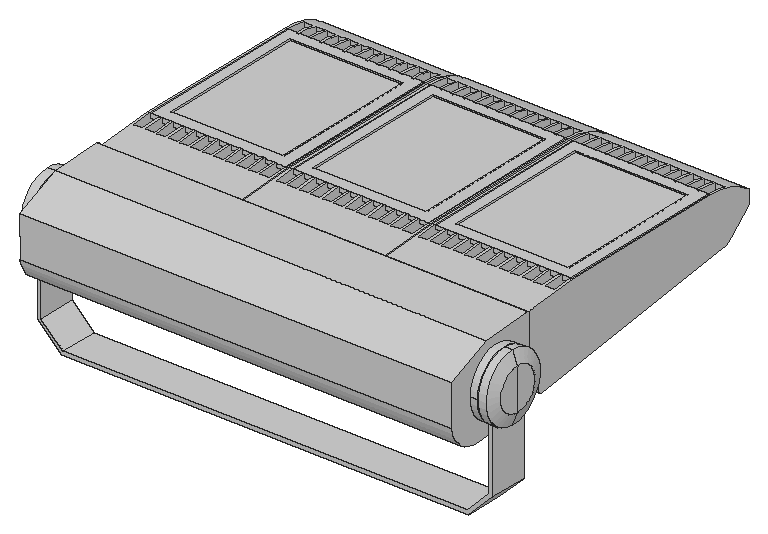
Revit family "0049120 Feilo Sylvania Lighting Fixture SYLVEO LED 20000LM RASYM 4K", category Lighting Fixtures, host Face, Revit 2017
Family settings
  Host = Face
  Round Connector Dimension = Use Diameter
  Part Type = Normal
  OmniClass Number = 23.80.70.00
  OmniClass Title = Lighting
  Cut with Voids When Loaded = No
  Light Source = No
  Shared = No
  Room Calculation Point = No
Parameters (values of type "0049120 SYLVEO LED 20000LM RASYM 4K")
  Weight = "11.318 kg"
  Wattage Comments = ""
  WarrantyStartDate [instance] = "n/a"
  WarrantyGuarantorParts = "n/a"
  WarrantyDurationUnit = "n/a"
  WarrantyDurationParts = "n/a"
  WarrantyDescription = "n/a"
  Voltage = 230 V
  URL = "http://www.sylvania-lighting.com"
  TypeName = "SYLVEO LED 20000LM RASYM 4K"
  TypeBody_FEILO = Sylveo Extra Large Body : 0049120 SYLVEO LED 20000LM RASYM 4K
  Type Image = <None>
  Type Comments = "n/a"
  TiltAngle_FEILO [instance] = 0.00°
  StartAngle_FEILO [instance] = EndAngle_FEILO + 180.00°  # 270.00°
  SerialNumber [instance] = "n/a"
  Material_3_FEILO = none
  PowerFactor = 0
  PowerConsumption = "200.6 W"
  NominalLength = 496 mm
  NominalHeight = 392 mm
  NominalDepth = 98 mm
  Name = "SYLVEO LED 20000LM RASYM 4K"
  ModelReference = Name  # "SYLVEO LED 20000LM RASYM 4K"
  ModelNumber = "0049120"
  Model = Name  # "SYLVEO LED 20000LM RASYM 4K"
  Material = "aluminium housing, glass diffuser"
  ManufacturerName = "Feilo Sylvania"
  Manufacturer = "Feilo Sylvania"
  LuminousEfficacy = "107.4 lm/W"
  LuminaireType = ""
  LightOutputRatio = "100"
  LampsType = Lamp  # "LED"
  LampNominalLuminous = "21546 lm"
  LampMacAdamStep = "6"
  LampColourTemperature = "4000 K"
  LampColourRenderingIndex = "70"
  Lamp = "LED"
  Keynote = "16500"
  InstallationDate [instance] = "n/a"
  InputVoltage = "100-240V~"
  InputNominalFrequency = "50 Hz"
  IngressProtection = "IP66"
  ImpactProtectionIndex = "IK08"
  IfcExportType = "IfcLightFixtureType"
  IfcExportAs = "IfcLightFixtureType"
  ExpectedLife = 50000
  EndAngle_FEILO [instance] = -TiltAngle_FEILO + 90.00°  # 90.00°
  ElectricShockClassification = "Class I"
  DurationUnit = "hours"
  DocumentationLiterature = "http://www.sylvania-lighting.com/product/en-int/products/0049120"
  DimmingControlOptions = "Non dimmable"
  Material_2_FEILO = none
  Description = "Exterior LED Floodlight, comes complete with a 1000mm cable and adjustable bracket, aluminium housing, clear glass diffuser, IP66, IK08, Class I, 4000K, Non-dimming, 21546lm, 201W, 107lm/W, 4800mA, CRI70, 52°x117° beam angle, 50000hrs, (LxWxD) 98x496x392mm"
  Default Elevation = 1219.2 mm
  CreatedOn = "1/9/2018"
  CreatedBy = ""
  Cost = 0
  built-in parameter 1114216 [instance] = (empty or 0)
  ClassificationValue = "EF_70_80"
  ClassificationName = "Uniclass2015"
  Material_1_FEILO = Body-Sylvania-Sylveo
  BarCode [instance] = "n/a"
  AssetType = "Fixed"
  AssetIdentifier [instance] = "n/a"
  Assembly Code = "D5020200"
  Apparent Load = 200.6 VA
  Material_4_FEILO = none
Reference planes
  plane 1 "Center (Front/Back)": y = 0
  plane 2: z = 0
  plane 3 "Center (Left/Right)": x = 0
  plane 4: x = 248
  plane 5: x = -248
  plane 6: x = -243
  plane 7: x = 243
  plane 8: z = 121
  plane 9: z = 143
  plane 10: z = 99
  plane 11: z = 156
  plane 12: z = 86
  plane 13: x = -234
  plane 14: x = 234
  plane 15: z = 4
  plane 16: x = -238
  plane 17: x = 238
  plane 18: x = -213
  plane 19: x = 213
  plane 20: z = 25
  plane 21: y = 20
  plane 22: y = -20
Forms (mm)
  Revolve 1, solid, material "Body-Sylvania-Sylveo" <- "Material_1_FEILO"
    sketch origin (0, 0, 0) x (1, 0, 0) y (0, 0, 1)
      loop
        line (-234, 156) -> (-243, 156) -> (-248, 143) -> (-248, 121) -> (-234, 121) -> (-234, 156)
      loop
        line (234, 121) -> (248, 121) -> (248, 143) -> (243, 156) -> (234, 156) -> (234, 121)
      axis (-248, 121) -> (248, 121)
    angle from 360 to 0
  Extrusion 2, solid, material "Body-Sylvania-Sylveo" <- "Material_1_FEILO"
    sketch origin (0, 0, 0) x (1, 0, 0) y (0, 0, 1)
      loop
        line (213, 0) -> (238, 25) -> (238, 121) -> (234, 121) -> (234, 26.657) -> (211.343, 4) -> (-211.343, 4) -> (-234, 26.657) -> (-234, 121) -> (-238, 121) -> (-238, 25) -> (-213, 0) -> (213, 0)
    from -20 to 20
  Revolve 3, solid, not visible
    sketch origin (0, 0, 0) x (1, 0, 0) y (0, 0, 1)
      loop
        line (0, 143) -> (-50.437, 143) -> (-50.437, 121) -> (0, 121) -> (0, 143)
      axis (-50.437, 121) -> (0, 121)
    angle from 270 <- "StartAngle_FEILO" to 90 <- "EndAngle_FEILO"
Cuts and joins
  joined: Revolve 1, Extrusion 2
Dimensions and locks
  locked: plane 8 to plane 2 at 121
  equal spacing: plane 4, plane 3 "Center (Left/Right)", plane 5
  equal spacing: plane 7, plane 3 "Center (Left/Right)", plane 6
  locked: plane 6 to plane 5 at 5
  locked: plane 4 to plane 5 at 496
  equal spacing: plane 9, plane 8, plane 10
  locked: plane 9 to plane 10 at 44
  equal spacing: plane 11, plane 8, plane 12
  locked: plane 11 to plane 9 at 13
  equal spacing: plane 14, plane 3 "Center (Left/Right)", plane 13
  locked: plane 3 "Center (Left/Right)" to plane 13 at 234
  locked: plane 15 to plane 2 at 4
  equal spacing: plane 17, plane 3 "Center (Left/Right)", plane 16
  locked: plane 13 to plane 16 at 4
  locked: plane 20 to plane 2 at 25
  equal spacing: plane 19, plane 3 "Center (Left/Right)", plane 18
  locked: plane 18 to plane 16 at 25
  equal spacing: plane 22, plane 1 "Center (Front/Back)", plane 21
  locked: plane 22 to plane 21 at 40
  aligned and locked: plane 2 to host face
  aligned and locked: level to host face
  aligned and locked: plane 5 to Revolve 1 sketch curve  (x2)
  aligned and locked: Revolve 1 sketch curve to plane 13
  aligned and locked: plane 9 to Revolve 1 sketch curve  (x2)
  aligned and locked: plane 11 to Revolve 1 sketch curve
  aligned and locked: plane 6 to Revolve 1 sketch curve
  aligned and locked: plane 8 to Revolve 1 sketch curve  (x2)
  aligned and locked: plane 14 to Revolve 1 sketch curve
  aligned and locked: Revolve 1 sketch curve to plane 11
  aligned and locked: Revolve 1 sketch curve to plane 4
  aligned and locked: Revolve 1 sketch curve to Revolve 1 sketch curve  (x2)
  aligned and locked: plane 19 to Extrusion 2 sketch curve
  aligned and locked: level to Extrusion 2 sketch curve
  aligned and locked: plane 16 to Extrusion 2 sketch curve
  aligned and locked: plane 17 to Extrusion 2 sketch curve
  aligned and locked: Extrusion 2 sketch curve to plane 8
  aligned and locked: plane 8 to Extrusion 2 sketch curve
  aligned and locked: Extrusion 2 sketch curve to plane 14
  aligned and locked: Extrusion 2 sketch curve to plane 15
  aligned and locked: plane 13 to Extrusion 2 sketch curve
  aligned and locked: Extrusion 2 to plane 21
  aligned and locked: plane 22 to Extrusion 2
  aligned and locked: Revolve 3 sketch curve to plane 8  (x2)
  aligned and locked: plane 9 to Revolve 3 sketch curve
  aligned and locked: plane 3 "Center (Left/Right)" to Revolve 3 sketch curve
  aligned and locked: plane 3 "Center (Left/Right)" to nested 1
Automatic sketch dimensions
  host sketch curve to host sketch curve = 2438.4 mm  (x2)
  Revolve 1 sketch curve to plane 7 = 0 mm
  Revolve 1 sketch curve to plane 5 = 1276 mm
  plane 4 to Revolve 1 sketch curve = 1411.773 mm
  Extrusion 2 sketch curve to plane 18 = 0 mm
  Extrusion 2 sketch curve to plane 20 = 0 mm  (x2)
  plane 18 to Extrusion 2 sketch curve = 1.657 mm
  Extrusion 2 sketch curve to plane 19 = 1.657 mm
  Extrusion 2 sketch curve to plane 20 = 1.657 mm  (x2)
  Revolve 3 sketch curve to plane 3 "Center (Left/Right)" = 50.437 mm
  Revolve 3 sketch curve to plane 5 = 1276 mm
  plane 4 to Revolve 3 sketch curve = 1411.773 mm
Nested families
  nested 1: "Sylveo Extra Large Body" at (0, 0, 121), type <- "TypeBody_FEILO", type "0049120 SYLVEO LED 20000LM RASYM 4K"
    with WarrantyStartDate "n/a", SerialNumber "n/a", InstallationDate "n/a", built-in parameter 1114216 (empty or 0), BarCode "n/a", AssetIdentifier "n/a"
Connectors
  electrical at (0, 0, 0), driven by "Apparent Load", driven by "PowerFactor", driven by "Voltage"
    settings: index 1, voltage 230 V, apparent load 200.6 VA, apparent load phase1 0 VA, apparent load phase2 0 VA, apparent load phase3 0 VA, power factor 0, load classification "Lighting", number of poles 1, system type 30, power factor state 1, is connector primary yes, connector utility no, sub classification motor no, connector description ""
Definition of nested family "Sylveo Extra Large Body"
  Parameters (values of type "0049147 SYLVEO LED 20000LM RASYM 4K DALI ")
    Weight = "11.516 kg"
    Wattage Comments = ""
    Wattage = 202 W
    WarrantyStartDate [instance] = "n/a"
    WarrantyGuarantorParts = "n/a"
    WarrantyDurationUnit = "n/a"
    WarrantyDurationParts = "n/a"
    WarrantyDescription = "n/a"
    built-in parameter 1150110 = 1 (stored number, unit not read)
    Voltage = 230 V
    URL = "http://www.feilosylvania.com"
    TypeName = "SYLVEO LED 20000LM RASYM 4K DALI"
    Type Image = (empty or 0)
    Type Comments = "n/a"
    built-in parameter 1114217 = 1 (stored number, unit not read)
    Tilt Angle = -90.00°
    built-in parameter 1150109 = 1 (stored number, unit not read)
    built-in parameter 1150134 = 12
    built-in parameter 1150113 = 1 (stored number, unit not read)
    SerialNumber [instance] = "n/a"
    Photometric Web File = "0049147.ies"
    Material_3_FEILO = none
    PowerFactor = 0.95
    PowerConsumption = "202 W"
    NominalLength = 98 mm
    NominalHeight = 392 mm
    NominalDepth = 496 mm
    Name = "SYLVEO LED 20000LM RASYM 4K DALI"
    ModelReference = Name  # "SYLVEO LED 20000LM RASYM 4K DALI"
    ModelNumber = "0049147"
    Model = Name  # "SYLVEO LED 20000LM RASYM 4K DALI"
    Material = "aluminum housing, glass diffuser"
    ManufacturerName = "Feilo Sylvania"
    Manufacturer = "Feilo Sylvania"
    LuminousEfficacy = "106.6 lm/W"
    built-in parameter 1150105 = 11127.1 (stored number, unit not read)
    Lumens = 21533.2 lm
    LuminaireType = ""
    built-in parameter 1150115 = 1 (stored number, unit not read)
    LightOutputRatio = "1"
    built-in parameter 1150137 = (empty or 0)
    built-in parameter 1150139 = (empty or 0)
    LampsType = Lamp  # "LED"
    LampNominalLuminous = "21542 lm"
    LampMacAdamStep = "6"
    LampColourTemperature = "4000 K"
    LampColourRenderingIndex = "70"
    built-in parameter 1150112 = 1 (stored number, unit not read)
    built-in parameter 1150114 = 1 (stored number, unit not read)
    Lamp = "LED"
    Keynote = "16500"
    InstallationDate [instance] = "n/a"
    InputVoltage = "100-240V~"
    InputNominalFrequency = "50/60 Hz"
    built-in parameter 1150132 = (empty or 0)
    built-in parameter 1150102 = (empty or 0)
    built-in parameter 1150107 = 4000 (stored number, unit not read)
    built-in parameter 1150138 = (empty or 0)
    IngressProtection = "IP66"
    ImpactProtectionIndex = "IK08"
    built-in parameter 1150106 = 111.27 (stored number, unit not read)
    IfcExportType = "IfcLightFixtureType"
    IfcExportAs = "IfcLightFixtureType"
    ExpectedLife = 50000
    Emit from Rectangle Width = 156 mm
    Emit from Rectangle Length = 415.5 mm
    Emit Shape Visible in Rendering = no
    ElectricShockClassification = "Class I"
    built-in parameter 1150104 = 9.9035 (stored number, unit not read)
    DurationUnit = "hours"
    DocumentationLiterature = "http://www.feilosylvania.com/product/en-int/products/0049147"
    DimmingControlOptions = "Dimmable"
    Material_2_FEILO = none
    Dimming Lamp Color Temperature Shift = (empty or 0)
    Description = "Exterior LED floodlight, comes complete with a 1000mm cable and adjustable bracket, aluminium housing, clear glass diffuser, 21542lm, 201W, 107lm/W, 4000K, 5002mA, CRI70, 52°x117° beam angle, DALI dimmable, IP66, IK08, Class I, 50000hrs, (LxWxD) 98x496x392mm"
    Default Elevation = 1219.2 mm
    CreatedOn = "1/9/2018"
    CreatedBy = "aron.fodor@feilosylvania.com"
    Cost = 0
    Color Filter = 16777215
    built-in parameter 1114216 [instance] = (empty or 0)
    ClassificationValue = "EF_70_80"
    ClassificationName = "Uniclass2015"
    Material_1_FEILO = none
    BarCode [instance] = "n/a"
    built-in parameter 1114218 = 1 (stored number, unit not read)
    built-in parameter 1150133 = 10 (stored number, unit not read)
    AssetType = "Fixed"
    AssetIdentifier [instance] = "n/a"
    Assembly Code = "D5020200"
    Apparent Load = 202 VA
    Material_4_FEILO = none
  Types (9, lengths in mm): name | Weight | Wattage | TypeName | built-in parameter 1150134 | Photometric Web File | PowerFactor | PowerConsumption | NominalLength | NominalDepth | Name | ModelReference | ModelNumber | Model | Material | LuminousEfficacy | built-in parameter 1150105 | Lumens | LightOutputRatio | LampNominalLuminous | LampColourTemperature | InputNominalFrequency | built-in parameter 1150107 | built-in parameter 1150106 | built-in parameter 1150104 | DocumentationLiterature | DimmingControlOptions | Description | Apparent Load
    0049147 SYLVEO LED 20000LM RASYM 4K DALI | "11.516 kg" | 202 W | "SYLVEO LED 20000LM RASYM 4K DALI" | 12 | "0049147.ies" | 0.95 | "202 W" | 98 | 496 | "SYLVEO LED 20000LM RASYM 4K DALI" | "SYLVEO LED 20000LM RASYM 4K DALI" | "0049147" | "SYLVEO LED 20000LM RASYM 4K DALI" | "aluminum housing, glass diffuser" | "106.6 lm/W" | 11127.1 (stored number, unit not read) | 21533.2 lm | "1" | "21542 lm" | "4000 K" | "50/60 Hz" | 4000 (stored number, unit not read) | 111.27 (stored number, unit not read) | 9.9035 (stored number, unit not read) | "http://www.feilosylvania.com/product/en-int/products/0049147" | "Dimmable" | "Exterior LED floodlight, comes complete with a 1000mm cable and adjustable bracket, aluminium housing, clear glass diffuser, 21542lm, 201W, 107lm/W, 4000K, 5002mA, CRI70, 52°x117° beam angle, DALI dimmable, IP66, IK08, Class I, 50000hrs, (LxWxD) 98x496x392mm" | 202 VA
    0049146 SYLVEO LED 20000LM WIDE 4K DALI | "11.516 kg" | 200 W | "SYLVEO LED 20000LM WIDE 4K DALI" | 12 | "0049146.ies" | 0.95 | "200 W" | 98 | 496 | "SYLVEO LED 20000LM WIDE 4K DALI" | "SYLVEO LED 20000LM WIDE 4K DALI" | "0049146" | "SYLVEO LED 20000LM WIDE 4K DALI" | "aluminum housing, glass diffuser" | "106.4 lm/W" | 25856.7 (stored number, unit not read) | 21280 lm | "1" | "21281 lm" | "4000 K" | "50/60 Hz" | 4000 (stored number, unit not read) | 258.57 (stored number, unit not read) | 9.8849 (stored number, unit not read) | "http://www.feilosylvania.com/product/en-int/products/0049146" | "Dimmable" | "Exterior LED floodlight, comes complete with a 1000mm cable and adjustable bracket, aluminium housing, clear glass diffuser, 21281lm, 200W, 106lm/W, 4000K, 5002mA, CRI70, 52° beam angle, DALI dimmable, IP66, IK08, Class I, 50000hrs, (LxWxD) 98x496x392mm" | 200 VA
    0049145 SYLVEO LED 20000LM NAR 4K DALI | "11.516 kg" | 201 W | "SYLVEO LED 20000LM NAR 4K DALI" | 12 | "0049145.ies" | 0.95 | "201 W" | 98 | 496 | "SYLVEO LED 20000LM NAR 4K DALI" | "SYLVEO LED 20000LM NAR 4K DALI" | "0049145" | "SYLVEO LED 20000LM NAR 4K DALI" | "aluminum housing, glass diffuser" | "107.5 lm/W" | 50417.9 (stored number, unit not read) | 21607.5 lm | "1" | "21605 lm" | "4000 K" | "50/60 Hz" | 4000 (stored number, unit not read) | 504.18 (stored number, unit not read) | 9.9871 (stored number, unit not read) | "http://www.feilosylvania.com/product/en-int/products/0049145" | "Dimmable" | "Exterior LED floodlight, comes complete with a 1000mm cable and adjustable bracket, aluminium housing, clear glass diffuser, 21605lm, 201W, 108lm/W, 4000K, 5002mA, CRI70, 30° beam angle, DALI dimmable, IP66, IK08, Class I, 50000hrs, (LxWxD) 98x496x392mm" | 201 VA
    0049123 SYLVEO LED 20000LM RASYM 3K | "11.516 kg" | 201.3 W | "SYLVEO LED 20000LM RASYM 3K" | (empty or 0) | "0049123.ies" | 0 | "201.3 W" | 496 | 98 | "SYLVEO LED 20000LM RASYM 3K" | "SYLVEO LED 20000LM RASYM 3K" | "0049123" | "SYLVEO LED 20000LM RASYM 3K" | "aluminium housing, glass diffuser" | "102.5 lm/W" | 10660.6 (stored number, unit not read) | 20633.3 lm | "100" | "20639 lm" | "3000 K" | "50 Hz" | 3000 (stored number, unit not read) | 106.61 (stored number, unit not read) | 9.5226 (stored number, unit not read) | "http://www.feilosylvania.com/product/en-int/products/0049123" | "Non dimmable" | "Exterior LED Floodlight, comes complete with a 1000mm cable and adjustable bracket, aluminium housing, clear glass diffuser, IP66, IK08, Class I, 3000K, Non-dimming, 20639lm, 201W, 103lm/W, 4800mA, CRI70, 52°x117° beam angle, 50000hrs, (LxWxD) 98x496x392mm, Asmmetric" | 201.3 VA
    0049122 SYLVEO LED 20000LM WIDE 3K | "11.5 kg" | 201.3 W | "SYLVEO LED 20000LM WIDE 3K" | (empty or 0) | "0049122.ies" | 0 | "201.3 W" | 496 | 98 | "SYLVEO LED 20000LM WIDE 3K" | "SYLVEO LED 20000LM WIDE 3K" | "0049122" | "SYLVEO LED 20000LM WIDE 3K" | "aluminium housing, glass diffuser" | "102.5 lm/W" | 25192 (stored number, unit not read) | 20633.3 lm | "100" | "20633 lm" | "3000 K" | "50 Hz" | 3000 (stored number, unit not read) | 251.92 (stored number, unit not read) | 9.5226 (stored number, unit not read) | "http://www.feilosylvania.com/product/en-int/products/0049122" | "Non dimmable" | "Exterior LED Floodlight, comes complete with a 1000mm cable and adjustable bracket, aluminium housing, clear glass diffuser, IP66, IK08, Class I, 3000K, Non-dimming, 20633lm, 201W, 103lm/W, 4800mA, CRI70, 52° beam angle, 50000hrs, (LxWxD) 98x496x392mm" | 201.3 VA
    0049121 SYLVEO LED 20000LM NAR 3K | "11.552 kg" | 200.6 W | "SYLVEO LED 20000LM NAR 3K" | (empty or 0) | "0049121.ies" | 0 | "200.6 W" | 496 | 98 | "SYLVEO LED 20000LM NAR 3K" | "SYLVEO LED 20000LM NAR 3K" | "0049121" | "SYLVEO LED 20000LM NAR 3K" | "aluminium housing, glass diffuser" | "103.9 lm/W" | 50639 (stored number, unit not read) | 20842.3 lm | "100" | "20834 lm" | "3000 K" | "50 Hz" | 3000 (stored number, unit not read) | 506.39 (stored number, unit not read) | 9.6526 (stored number, unit not read) | "http://www.feilosylvania.com/product/en-int/products/0049121" | "Non dimmable" | "Exterior LED Floodlight, comes complete with a 1000mm cable and adjustable bracket, aluminium housing, clear glass diffuser, IP66, IK08, Class I, 3000K, Non-dimming, 20834lm, 201W, 104lm/W, 4800mA, CRI70, 30° beam angle, 50000hrs, (LxWxD) 98x496x392mm" | 200.6 VA
    0049120 SYLVEO LED 20000LM RASYM 4K | "11.318 kg" | 200.6 W | "SYLVEO LED 20000LM RASYM 4K" | 12 | "0049120.ies" | 0 | "200.6 W" | 496 | 98 | "SYLVEO LED 20000LM RASYM 4K" | "SYLVEO LED 20000LM RASYM 4K" | "0049120" | "SYLVEO LED 20000LM RASYM 4K" | "aluminium housing, glass diffuser" | "107.4 lm/W" | 11131.4 (stored number, unit not read) | 21544.4 lm | "100" | "21546 lm" | "4000 K" | "50 Hz" | 4000 (stored number, unit not read) | 111.31 (stored number, unit not read) | 9.9778 (stored number, unit not read) | "http://www.feilosylvania.com/product/en-int/products/0049120" | "Non dimmable" | "Exterior LED Floodlight, comes complete with a 1000mm cable and adjustable bracket, aluminium housing, clear glass diffuser, IP66, IK08, Class I, 4000K, Non-dimming, 21546lm, 201W, 107lm/W, 4800mA, CRI70, 52°x117° beam angle, 50000hrs, (LxWxD) 98x496x392mm" | 200.6 VA
    0049119 SYLVEO LED 20000LM WIDE 4K | "11.472 kg" | 200.5 W | "SYLVEO LED 20000LM WIDE 4K" | 12 | "0049119.ies" | 0 | "200.5 W" | 496 | 98 | "SYLVEO LED 20000LM WIDE 4K" | "SYLVEO LED 20000LM WIDE 4K" | "0049119" | "SYLVEO LED 20000LM WIDE 4K" | "aluminium housing, glass diffuser" | "107.3 lm/W" | 27146.8 (stored number, unit not read) | 21513.6 lm | "100" | "21514 lm" | "4000 K" | "50 Hz" | 4000 (stored number, unit not read) | 271.47 (stored number, unit not read) | 9.9685 (stored number, unit not read) | "http://www.feilosylvania.com/product/en-int/products/0049119" | "Non dimmable" | "Exterior LED Floodlight, comes complete with a 1000mm cable and adjustable bracket, aluminium housing, clear glass diffuser, IP66, IK08, Class I, 4000K, Non-dimming, 21514lm, 201W, 107lm/W, 4800mA, CRI70, 52° beam angle, 50000hrs, (LxWxD) 98x496x392mm" | 200.5 VA
    0049118 SYLVEO LED 20000LM NAR 4K | "11.496 kg" | 201.2 W | "SYLVEO LED 20000LM NAR 4K" | 12 | "0049118.ies" | 0 | "201.2 W" | 496 | 98 | "SYLVEO LED 20000LM NAR 4K" | "SYLVEO LED 20000LM NAR 4K" | "0049118" | "SYLVEO LED 20000LM NAR 4K" | "aluminium housing, glass diffuser" | "107.4 lm/W" | 52850.4 (stored number, unit not read) | 21608.9 lm | "100" | "21609 lm" | "4000 K" | "50 Hz" | 4000 (stored number, unit not read) | 528.5 (stored number, unit not read) | 9.9778 (stored number, unit not read) | "http://www.feilosylvania.com/product/en-int/products/0049118" | "Non dimmable" | "Exterior LED Floodlight, comes complete with a 1000mm cable and adjustable bracket, aluminium housing, clear glass diffuser, IP66, IK08, Class I, 4000K, Non-dimming, 21609lm, 201W, 107lm/W, 4000K, 4800mA, CRI70, 30° beam angle, 50000hrs, (LxWxD) 98x496x392mm" | 201.2 VA
  Reference planes
    plane 1 "Center (Front/Back)": y = 0
    plane 2: z = 0
    plane 3 "Center (Left/Right)": x = 0
    plane 4: x = 248
    plane 5: x = -248
    plane 6: x = 225.5
    plane 7: x = -225.5
    plane 8: y = 35
    plane 9: x = -234
    plane 10: x = 234
    plane 11: y = 43
    plane 12: y = -12
    plane 13: y = -58
    plane 14: z = 46
    plane 15: z = 43
    plane 16: z = 23
    plane 17: z = -20
    plane 18: y = -23
    plane 19: z = -40
    plane 20: z = -47
    plane 21: x = -149
    plane 22: x = 149
  Forms (mm)
    Extrusion 1, solid
      sketch origin (4.2, 0, 0) x (1, 0, 0) y (0, 1, 0)
        loop
          line (-1219.2, 1219.2) -> (-1219.2, -1219.2) -> (1219.2, -1219.2) -> (1219.2, 1219.2) -> (-1219.2, 1219.2)
      from 0 to -68.017
    Extrusion 2, solid, material <- "Material_1_FEILO"
      sketch origin (0, 0, 0) x (0, 1, 0) y (0, 0, 1)
        loop
          line (41.418, 45.914) -> (-12, 43)
          arc (-12, 43) -> (-35.432, 33.994) -> (-58, 23) r 290.694
          line (-58, 23) -> (-58, -20)
          arc (-58, -20) -> (-45.914, -40.518) -> (-23, -47) r 31.99
          line (-23, -47) -> (40.738, -40.24)
          arc (40.738, -40.24) -> (42.351, -39.416) -> (43, -37.725) r 2.529
          line (43, -37.725) -> (43, 44.416)
          arc (43, 44.416) -> (42.531, 45.505) -> (41.418, 45.914) r 1.5
      from -225.5 to 225.5
    Revolve 3, solid, material <- "Material_1_FEILO"
      sketch origin (0, 0, 0) x (1, 0, 0) y (0, 1, 0)
        loop
          line (-234, 35) -> (-234, 0) -> (-225.5, 0) -> (-225.5, 35) -> (-234, 35)
        loop
          line (234, 0) -> (234, 35) -> (225.5, 35) -> (225.5, 0) -> (234, 0)
        axis (234, 0) -> (-234, 0)
      angle from 360 to 0
  Cuts and joins
    joined: Extrusion 2, Revolve 3
  Dimensions and locks
    equal spacing: plane 5, plane 3 "Center (Left/Right)", plane 4
    locked: plane 5 to plane 4 at 496
    equal spacing: plane 7, plane 3 "Center (Left/Right)", plane 6
    locked: plane 5 to plane 7 at 22.5
    plane 1 "Center (Front/Back)" to plane 8 = 35 mm
    equal spacing: plane 9, plane 3 "Center (Left/Right)", plane 10
    locked: plane 9 to plane 10 at 468
    plane 13 to plane 18 to plane 12 to plane 1 "Center (Front/Back)" to plane 8 to plane 11 = 35 mm locked, 11 mm locked, 12 mm locked, 35 mm locked, 8 mm locked
    plane 14 to plane 15 to plane 16 to plane 2 to plane 17 to plane 19 = 3 mm locked, 20 mm locked, 23 mm locked, 20 mm locked, 20 mm locked
    locked: plane 20 to plane 19 at 7
    equal spacing: plane 21, plane 3 "Center (Left/Right)", plane 22
    locked: plane 21 to plane 3 "Center (Left/Right)" at 149
    aligned and locked: plane 2 to Extrusion 1
    aligned and locked: level to Extrusion 1
    aligned and locked: Extrusion 2 sketch curve to plane 11
    aligned and locked: plane 13 to Extrusion 2 sketch curve
    aligned and locked: plane 6 to Extrusion 2
    aligned and locked: Extrusion 2 to plane 7
    aligned and locked: plane 8 to Revolve 3 sketch curve  (x2)
    aligned and locked: plane 9 to Revolve 3 sketch curve
    aligned and locked: Revolve 3 sketch curve to plane 1 "Center (Front/Back)"  (x3)
    aligned and locked: Revolve 3 sketch curve to plane 7
    aligned and locked: Revolve 3 sketch curve to plane 10
    aligned and locked: plane 6 to Revolve 3 sketch curve
    aligned and locked: plane 2 to nested 1
    aligned and locked: plane 3 "Center (Left/Right)" to nested 1
    aligned and locked: plane 21 to nested 3
    aligned and locked: plane 22 to nested 2
    aligned and locked: plane 2 to nested 2
    aligned and locked: plane 2 to nested 3
    aligned and locked: imposter light to nested 2
    aligned and locked: imposter light to nested 1
    aligned and locked: imposter light to plane 3 "Center (Left/Right)"
  Automatic sketch dimensions
    Extrusion 1 sketch curve to Extrusion 1 sketch curve = 2438.4 mm  (x2)
    Extrusion 2 sketch curve to plane 18 = 0 mm
    Extrusion 2 sketch curve to plane 12 = 0 mm
    plane 20 to Extrusion 2 sketch curve = 0 mm
    plane 17 to Extrusion 2 sketch curve = 0 mm
    plane 16 to Extrusion 2 sketch curve = 0 mm
    plane 15 to Extrusion 2 sketch curve = 0 mm
    plane 18 to Extrusion 2 sketch curve = 3.374 mm
    Extrusion 2 sketch curve to Extrusion 2 sketch curve = 2.529 mm
    plane 19 to Extrusion 2 sketch curve = 0.24 mm
    plane 11 to Extrusion 2 sketch curve = 2.262 mm
    plane 14 to Extrusion 2 sketch curve = 0.086 mm
    plane 11 to Extrusion 2 sketch curve = 1.582 mm
    Extrusion 2 sketch curve to plane 15 = 1.416 mm
    Extrusion 2 sketch curve to plane 11 = 37.475 mm
    Revolve 3 sketch curve to plane 5 = 1276 mm
    plane 4 to Revolve 3 sketch curve = 1276 mm
  Nested families
    nested 1: "Sylveo Extra Large Screen Module" at (0, 43, 48) x (1, 0, 0) z (0, 1, 0), type "Type Name"
    nested 2: "Sylveo Extra Large Screen Module" at (149, 43, 48) x (1, 0, 0) z (0, 1, 0), type "Type Name"
    nested 3: "Sylveo Extra Large Screen Module" at (-149, 43, 48) x (1, 0, 0) z (0, 1, 0), type "Type Name"
  Definition of nested family "Sylveo Extra Large Screen Module"
    Parameters (values of type "Type Name")
      URL = "http://www.feilosylvania.com"
      Type Image = (empty or 0)
      Type Comments = "n/a"
      Material_3_FEILO = none
      Model = ""
      Manufacturer = "Feilo Sylvania"
      Keynote = ""
      Material_2_FEILO = none
      Description = ""
      Default Elevation = 1219.2 mm
      Cost = 0
      Material_1_FEILO = none
      Assembly Code = ""
      Material_4_FEILO = none
    Reference planes
      plane 1 "Center (Front/Back)": y = 0
      plane 2: z = 0
      plane 3 "Center (Left/Right)": x = 0
      plane 4: x = 73.5
      plane 5: x = -73.5
      plane 6: z = 290
      plane 7: z = 262.5
      plane 8: z = 241.5
      plane 9: z = 229.5
      plane 10: x = -71
      plane 11: x = 71
      plane 12: x = -59
      plane 13: x = 59
      plane 14: z = 61.5
      plane 15: z = 73.5
      plane 16: y = 16
      plane 17: y = 31
      plane 18: y = 56
      plane 19: y = 88
      plane 20: z = 16
      plane 21: z = 6
      plane 22: y = 4
      plane 23: x = -61.5
      plane 24: x = -49.5
      plane 25: x = -47
      plane 26: x = -37.5
      plane 27: x = -35
      plane 28: x = -25.5
      plane 29: x = -23
      plane 30: x = -13.5
      plane 31: x = -11
      plane 32: x = -1.5
      plane 33: x = 1
      plane 34: x = 10.5
      plane 35: x = 13
      plane 36: x = 22.5
      plane 37: x = 25
      plane 38: x = 34.5
      plane 39: x = 37
      plane 40: x = 46.5
      plane 41: x = 49
      plane 42: x = 58.5
      plane 43: x = 61
      plane 44: z = 40.5
      plane 45: y = 92
      plane 46: y = 48
      plane 47: z = 30.5
      plane 48: y = 1
      plane 49: z = 151.5
    Forms (mm)
      Extrusion 1, solid
        sketch origin (4.2, 0, 0) x (1, 0, 0) y (0, 1, 0)
          loop
            line (-1219.2, 1219.2) -> (-1219.2, -1219.2) -> (1219.2, -1219.2) -> (1219.2, 1219.2) -> (-1219.2, 1219.2)
        from 0 to -68.017
      Extrusion 2, solid, material <- "Material_1_FEILO", detail levels medium+fine
        sketch origin (0, 0, 0) x (0, 1, 0) y (0, 0, 1)
          loop
            line (0, 241.5) -> (0, 61.5) -> (4, 0) -> (88, 0) -> (88, 5)
            arc (88, 5) -> (87.707, 5.707) -> (87, 6) r 1
            line (87, 6) -> (58, 6)
            arc (58, 6) -> (56.586, 6.586) -> (56, 8) r 2
            line (56, 8) -> (56, 14)
            arc (56, 14) -> (56.586, 15.414) -> (58, 16) r 2
            line (58, 16) -> (82.836, 16)
            arc (82.836, 16) -> (86.711, 17.379) -> (88.136, 21.237) r 4.853
            arc (88.136, 21.237) -> (75.429, 138.984) -> (57.18, 256.001) r 2509.59
            arc (57.18, 256.001) -> (55.179, 262.077) -> (51.577, 267.365) r 22.945
            line (51.577, 267.365) -> (31, 290) -> (16, 290)
            arc (16, 290) -> (4.103, 267.036) -> (0, 241.5) r 81.508
        from -73.5 to 73.5
      Extrusion 3, void
        sketch origin (0, 0, 0) x (1, 0, 0) y (0, 0, 1)
          loop
            line (-71, 262.5) -> (-71, 40.5) -> (-61.5, 40.5) -> (-61.5, 262.5) -> (-71, 262.5)
          loop
            line (-59, 262.5) -> (-59, 40.5) -> (-49.5, 40.5) -> (-49.5, 262.5) -> (-59, 262.5)
          loop
            line (-47, 262.5) -> (-47, 40.5) -> (-37.5, 40.5) -> (-37.5, 262.5) -> (-47, 262.5)
          loop
            line (-35, 262.5) -> (-35, 40.5) -> (-25.5, 40.5) -> (-25.5, 262.5) -> (-35, 262.5)
          loop
            line (-23, 262.5) -> (-23, 40.5) -> (-13.5, 40.5) -> (-13.5, 262.5) -> (-23, 262.5)
          loop
            line (-11, 262.5) -> (-11, 40.5) -> (-1.5, 40.5) -> (-1.5, 262.5) -> (-11, 262.5)
          loop
            line (1, 262.5) -> (1, 40.5) -> (10.5, 40.5) -> (10.5, 262.5) -> (1, 262.5)
          loop
            line (13, 262.5) -> (13, 40.5) -> (22.5, 40.5) -> (22.5, 262.5) -> (13, 262.5)
          loop
            line (25, 262.5) -> (25, 40.5) -> (34.5, 40.5) -> (34.5, 262.5) -> (25, 262.5)
          loop
            line (37, 262.5) -> (37, 40.5) -> (46.5, 40.5) -> (46.5, 262.5) -> (37, 262.5)
          loop
            line (49, 262.5) -> (49, 40.5) -> (58.5, 40.5) -> (58.5, 262.5) -> (49, 262.5)
          loop
            line (61, 262.5) -> (61, 40.5) -> (71, 40.5) -> (71, 262.5) -> (61, 262.5)
        from -88 to 0
      Extrusion 4, void
        sketch origin (0, 0, 0) x (0, 1, 0) y (0, 0, 1)
          loop
            line (83.385, 40.5) -> (48, 40.5) -> (48, 6) -> (92, 6) -> (92, 43.121) -> (85.747, 43.121)
            arc (85.747, 43.121) -> (85.149, 41.285) -> (83.385, 40.5) r 2.374
        from -71 to 71
      Extrusion 5, solid, material <- "Material_1_FEILO", detail levels coarse
        sketch origin (0, 0, 0) x (0, 1, 0) y (0, 0, 1)
          loop
            line (51.577, 267.365) -> (31, 290) -> (16, 290)
            arc (16, 290) -> (4.103, 267.036) -> (0, 241.5) r 81.508
            line (0, 241.5) -> (0, 61.5) -> (4, 0) -> (88, 0) -> (88, 5)
            arc (88, 5) -> (87.707, 5.707) -> (87, 6) r 1
            line (87, 6) -> (58, 6)
            arc (58, 6) -> (56.586, 6.586) -> (56, 8) r 2
            line (56, 8) -> (56, 14)
            arc (56, 14) -> (56.586, 15.414) -> (58, 16) r 2
            line (58, 16) -> (82.836, 16)
            arc (82.836, 16) -> (86.711, 17.379) -> (88.136, 21.237) r 4.853
            arc (88.136, 21.237) -> (75.429, 138.984) -> (57.18, 256.001) r 2509.59
            arc (57.18, 256.001) -> (55.179, 262.077) -> (51.577, 267.365) r 22.945
        from -73.5 to 73.5
      Extrusion 6, void
        sketch origin (0, 0, 0) x (1, 0, 0) y (0, 0, 1)
          loop
            line (-71, 241.5) -> (-71, 61.5) -> (71, 61.5) -> (71, 241.5) -> (-71, 241.5)
        from 0 to -4
      Extrusion 7, solid, material <- "Material_1_FEILO"
        sketch origin (0, 0, 0) x (1, 0, 0) y (0, 0, 1)
          loop
            line (-71, 241.5) -> (-71, 61.5) -> (71, 61.5) -> (71, 241.5) -> (-71, 241.5)
          loop
            line (-59, 229.5) -> (-59, 73.5) -> (58.5, 73.5) -> (58.5, 229.5) -> (-59, 229.5)
        from -4 to 0
      Extrusion 8, solid, material <- "Material_2_FEILO"
        sketch origin (0, 0, 0) x (1, 0, 0) y (0, 0, 1)
          loop
            line (-59, 229.5) -> (-59, 73.5) -> (58.5, 73.5) -> (58.5, 229.5) -> (-59, 229.5)
        from -1 to -4
    Cuts and joins
      Extrusion 3, Extrusion 4, Extrusion 6 cuts Extrusion 2
      Extrusion 4, Extrusion 6 cuts Extrusion 5
    Dimensions and locks
      plane 1 "Center (Front/Back)" to plane 16 to plane 17 to plane 18 to plane 19 = 16 mm locked, 15 mm locked, 25 mm locked, 32 mm locked
      plane 7 to plane 8 to plane 9 to plane 15 to plane 14 to plane 20 to plane 21 to plane 2 = 21 mm locked, 12 mm locked, 156 mm locked, 12 mm locked, 45.5 mm locked, 10 mm locked, 6 mm locked
      locked: plane 1 "Center (Front/Back)" to plane 22 at 4
      equal spacing: plane 4, plane 3 "Center (Left/Right)", plane 5
      locked: plane 4 to plane 5 at 147
      plane 11 to plane 43 to plane 42 to plane 41 to plane 40 to plane 39 to plane 38 to plane 37 to plane 36 to plane 35 to plane 34 to plane 33 to plane 32 to plane 31 to plane 30 to plane 29 to plane 28 to plane 27 to plane 26 to plane 25 to plane 24 to plane 12 to plane 23 to plane 10 to plane 5 = 10 mm locked, 2.5 mm locked, 9.5 mm locked, 2.5 mm locked, 9.5 mm locked, 2.5 mm locked, 9.5 mm locked, 2.5 mm locked, 9.5 mm locked, 2.5 mm locked, 9.5 mm locked, 2.5 mm locked, 9.5 mm locked, 2.5 mm locked, 9.5 mm locked, 2.5 mm locked, 9.5 mm locked, 2.5 mm locked, 9.5 mm locked, 2.5 mm locked, 9.5 mm locked, 2.5 mm locked, 9.5 mm locked, 2.5 mm locked
      plane 6 to plane 2 = 290 mm
      plane 6 to plane 7 = 27.5 mm
      plane 7 to plane 8 = 21 mm
      plane 8 to plane 9 = 12 mm
      plane 8 to plane 14 = 180 mm
      plane 15 to plane 14 = 12 mm
      locked: plane 14 to plane 44 at 21
      locked: plane 19 to plane 45 at 4
      locked: plane 46 to plane 18 at 8
      locked: plane 20 to plane 47 at 14.5
      locked: plane 1 "Center (Front/Back)" to plane 48 at 1
      equal spacing: plane 9, plane 49, plane 15
      aligned and locked: plane 2 to Extrusion 1
      aligned and locked: level to Extrusion 1
      aligned and locked: plane 1 "Center (Front/Back)" to Extrusion 2 sketch curve  (x2)
      aligned and locked: plane 16 to Extrusion 2 sketch curve
      aligned and locked: plane 6 to Extrusion 2 sketch curve  (x2)
      aligned and locked: plane 17 to Extrusion 2 sketch curve
      aligned and locked: plane 20 to Extrusion 2 sketch curve
      aligned and locked: Extrusion 2 sketch curve to plane 18
      aligned and locked: Extrusion 2 sketch curve to plane 21
      aligned and locked: Extrusion 2 sketch curve to plane 19
      aligned and locked: Extrusion 2 sketch curve to plane 2
      aligned and locked: plane 22 to Extrusion 2 sketch curve
      aligned and locked: plane 14 to Extrusion 2 sketch curve
      aligned and locked: Extrusion 2 to plane 5
      aligned and locked: plane 7 to Extrusion 3 sketch curve  (x12)
      aligned and locked: plane 10 to Extrusion 3 sketch curve
      aligned and locked: Extrusion 3 sketch curve to plane 44  (x12)
      aligned and locked: Extrusion 3 sketch curve to plane 23
      aligned and locked: plane 12 to Extrusion 3 sketch curve
      aligned and locked: Extrusion 3 sketch curve to plane 24
      aligned and locked: plane 25 to Extrusion 3 sketch curve
      aligned and locked: Extrusion 3 sketch curve to plane 26
      aligned and locked: plane 27 to Extrusion 3 sketch curve
      aligned and locked: Extrusion 3 sketch curve to plane 28
      aligned and locked: plane 29 to Extrusion 3 sketch curve
      aligned and locked: Extrusion 3 sketch curve to plane 30
      aligned and locked: plane 31 to Extrusion 3 sketch curve
      aligned and locked: Extrusion 3 sketch curve to plane 32
      aligned and locked: Extrusion 3 sketch curve to plane 34
      aligned and locked: plane 33 to Extrusion 3 sketch curve
      aligned and locked: plane 35 to Extrusion 3 sketch curve
      aligned and locked: Extrusion 3 sketch curve to plane 36
      aligned and locked: plane 37 to Extrusion 3 sketch curve
      aligned and locked: Extrusion 3 sketch curve to plane 38
      aligned and locked: plane 39 to Extrusion 3 sketch curve
      aligned and locked: Extrusion 3 sketch curve to plane 40
      aligned and locked: plane 41 to Extrusion 3 sketch curve
      aligned and locked: Extrusion 3 sketch curve to plane 42
      aligned and locked: plane 43 to Extrusion 3 sketch curve
      aligned and locked: Extrusion 3 sketch curve to plane 11
      aligned and locked: Extrusion 3 to plane 19
      aligned and locked: plane 1 "Center (Front/Back)" to Extrusion 3
      aligned and locked: Extrusion 4 sketch curve to plane 44
      aligned and locked: plane 21 to Extrusion 4 sketch curve
      aligned and locked: Extrusion 4 sketch curve to plane 45
      aligned and locked: Extrusion 4 to plane 10
      aligned and locked: plane 11 to Extrusion 4
      aligned and locked: plane 46 to Extrusion 4 sketch curve
      aligned and locked: Extrusion 5 sketch curve to cut or joined group of Extrusion 2, Extrusion 3, Extrusion 4, Extrusion 6  (x9)
      aligned and locked: plane 4 to Extrusion 5
      aligned and locked: Extrusion 5 to plane 5
      aligned and locked: Extrusion 6 to plane 22
      aligned and locked: plane 1 "Center (Front/Back)" to Extrusion 6
      aligned and locked: Extrusion 7 sketch curve to cut or joined group of Extrusion 4, Extrusion 5, Extrusion 6  (x2)
      aligned and locked: Extrusion 7 sketch curve to cut or joined group of Extrusion 2, Extrusion 3, Extrusion 4, Extrusion 6  (x2)
      aligned and locked: plane 9 to Extrusion 7 sketch curve
      aligned and locked: Extrusion 7 sketch curve to plane 15
      aligned and locked: Extrusion 7 sketch curve to plane 42
      aligned and locked: plane 1 "Center (Front/Back)" to Extrusion 7
      aligned and locked: Extrusion 7 to plane 22
      aligned and locked: Extrusion 8 sketch curve to Extrusion 7  (x4)
      aligned and locked: Extrusion 8 to plane 22
      aligned and locked: plane 48 to Extrusion 8
    Automatic sketch dimensions
      Extrusion 1 sketch curve to Extrusion 1 sketch curve = 2438.4 mm  (x2)
      plane 8 to Extrusion 2 sketch curve = 0 mm
      Extrusion 2 sketch curve to level = 189.095 mm
      plane 1 "Center (Front/Back)" to Extrusion 2 sketch curve = 2412.624 mm
      Extrusion 2 sketch curve to plane 17 = 3.599 mm
      plane 18 to Extrusion 2 sketch curve = 4.423 mm
      Extrusion 2 sketch curve to Extrusion 2 sketch curve = 2 mm
      Extrusion 2 sketch curve to plane 18 = 2 mm
      plane 19 to Extrusion 2 sketch curve = 5.164 mm
      plane 19 to Extrusion 2 sketch curve = 4.699 mm
      Extrusion 2 sketch curve to Extrusion 2 sketch curve = 1 mm
      Extrusion 2 sketch curve to plane 20 = 4.831 mm
      Extrusion 2 sketch curve to plane 8 = 10.431 mm
      Extrusion 2 sketch curve to plane 7 = 4.865 mm
      Extrusion 2 sketch curve to Extrusion 2 sketch curve = 0 mm
      plane 19 to Extrusion 4 sketch curve = 4.615 mm
      plane 19 to Extrusion 4 sketch curve = 2.253 mm
      Extrusion 4 sketch curve to Extrusion 4 sketch curve = 2.374 mm
      Extrusion 5 sketch curve to level = 0 mm
      Extrusion 5 sketch curve to plane 22 = 0 mm
      plane 14 to Extrusion 5 sketch curve = 0 mm
      Extrusion 5 sketch curve to plane 46 = 3.577 mm
      Extrusion 5 sketch curve to plane 17 = 0 mm
      Extrusion 6 sketch curve to plane 10 = 0 mm
      Extrusion 6 sketch curve to plane 11 = 0 mm
      Extrusion 6 sketch curve to plane 14 = 0 mm
      Extrusion 6 sketch curve to plane 8 = 0 mm
      Extrusion 7 sketch curve to plane 12 = 0 mm
